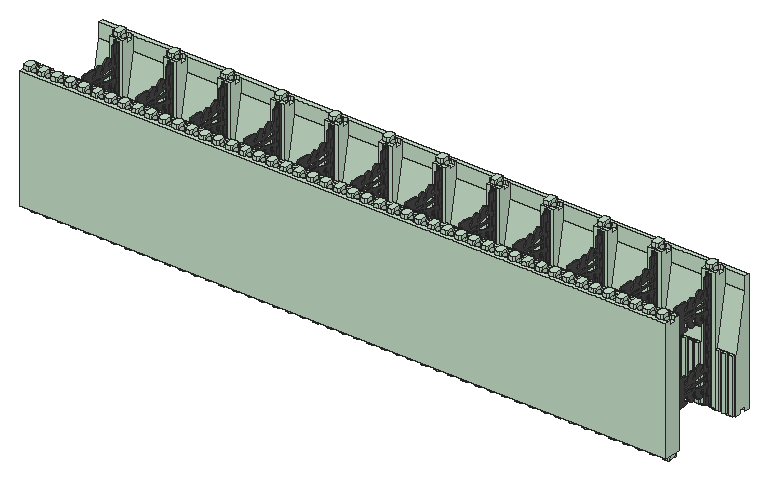
Revit family "ICF- NUDURA 10-inch- Single Sided Taper Top- Imperial", category Generic Models, Revit 2010 (continued)
Forms (in)
  Extrusion 172, solid, material "NUDURA Expanded Polystyrene Foam Insulation"
    sketch origin (0, 0, 0) x (1, 0, 0) y (0, 1, 0)
      loop
        line (5.28117, 3.25) -> (5.21883, 3) -> (5.78117, 3) -> (5.71883, 3.25) -> (5.28117, 3.25)
      loop
        line (6.28117, 3.25) -> (6.21883, 3) -> (6.78117, 3) -> (6.71883, 3.25) -> (6.28117, 3.25)
      loop
        line (7.28117, 3.25) -> (7.21883, 3) -> (7.78117, 3) -> (7.71883, 3.25) -> (7.28117, 3.25)
      loop
        line (8.28117, 3.25) -> (8.21883, 3) -> (8.78117, 3) -> (8.71883, 3.25) -> (8.28117, 3.25)
      loop
        line (9.28117, 3.25) -> (9.21883, 3) -> (9.78117, 3) -> (9.71883, 3.25) -> (9.28117, 3.25)
      loop
        line (10.28117, 3.25) -> (10.21883, 3) -> (10.78117, 3) -> (10.71883, 3.25) -> (10.28117, 3.25)
      loop
        line (13.28117, 3.25) -> (13.21883, 3) -> (13.78117, 3) -> (13.71883, 3.25) -> (13.28117, 3.25)
      loop
        line (14.28117, 3.25) -> (14.21883, 3) -> (14.78117, 3) -> (14.71883, 3.25) -> (14.28117, 3.25)
      loop
        line (15.28117, 3.25) -> (15.21883, 3) -> (15.78117, 3) -> (15.71883, 3.25) -> (15.28117, 3.25)
      loop
        line (16.28117, 3.25) -> (16.21883, 3) -> (16.78117, 3) -> (16.71883, 3.25) -> (16.28117, 3.25)
      loop
        line (17.28117, 3.25) -> (17.21883, 3) -> (17.78117, 3) -> (17.71883, 3.25) -> (17.28117, 3.25)
      loop
        line (18.28117, 3.25) -> (18.21883, 3) -> (18.78117, 3) -> (18.71883, 3.25) -> (18.28117, 3.25)
      loop
        line (21.28117, 3.25) -> (21.21883, 3) -> (21.78117, 3) -> (21.71883, 3.25) -> (21.28117, 3.25)
      loop
        line (22.28117, 3.25) -> (22.21883, 3) -> (22.78117, 3) -> (22.71883, 3.25) -> (22.28117, 3.25)
      loop
        line (23.28117, 3.25) -> (23.21883, 3) -> (23.78117, 3) -> (23.71883, 3.25) -> (23.28117, 3.25)
      loop
        line (24.28117, 3.25) -> (24.21883, 3) -> (24.78117, 3) -> (24.71883, 3.25) -> (24.28117, 3.25)
      loop
        line (25.28117, 3.25) -> (25.21883, 3) -> (25.78117, 3) -> (25.71883, 3.25) -> (25.28117, 3.25)
      loop
        line (26.28117, 3.25) -> (26.21883, 3) -> (26.78117, 3) -> (26.71883, 3.25) -> (26.28117, 3.25)
      loop
        line (29.28117, 3.25) -> (29.21883, 3) -> (29.78117, 3) -> (29.71883, 3.25) -> (29.28117, 3.25)
      loop
        line (30.28117, 3.25) -> (30.21883, 3) -> (30.78117, 3) -> (30.71883, 3.25) -> (30.28117, 3.25)
      loop
        line (31.28117, 3.25) -> (31.21883, 3) -> (31.78117, 3) -> (31.71883, 3.25) -> (31.28117, 3.25)
      loop
        line (32.28117, 3.25) -> (32.21883, 3) -> (32.78117, 3) -> (32.71883, 3.25) -> (32.28117, 3.25)
      loop
        line (33.28117, 3.25) -> (33.21883, 3) -> (33.78117, 3) -> (33.71883, 3.25) -> (33.28117, 3.25)
      loop
        line (34.28117, 3.25) -> (34.21883, 3) -> (34.78117, 3) -> (34.71883, 3.25) -> (34.28117, 3.25)
      loop
        line (37.28117, 3.25) -> (37.21883, 3) -> (37.78117, 3) -> (37.71883, 3.25) -> (37.28117, 3.25)
      loop
        line (38.28117, 3.25) -> (38.21883, 3) -> (38.78117, 3) -> (38.71883, 3.25) -> (38.28117, 3.25)
      loop
        line (39.28117, 3.25) -> (39.21883, 3) -> (39.78117, 3) -> (39.71883, 3.25) -> (39.28117, 3.25)
      loop
        line (40.28117, 3.25) -> (40.21883, 3) -> (40.78117, 3) -> (40.71883, 3.25) -> (40.28117, 3.25)
      loop
        line (41.28117, 3.25) -> (41.21883, 3) -> (41.78117, 3) -> (41.71883, 3.25) -> (41.28117, 3.25)
      loop
        line (42.28117, 3.25) -> (42.21883, 3) -> (42.78117, 3) -> (42.71883, 3.25) -> (42.28117, 3.25)
      loop
        line (45.28117, 3.25) -> (45.21883, 3) -> (45.78117, 3) -> (45.71883, 3.25) -> (45.28117, 3.25)
      loop
        line (46.28117, 3.25) -> (46.21883, 3) -> (46.78117, 3) -> (46.71883, 3.25) -> (46.28117, 3.25)
      loop
        line (47.28117, 3.25) -> (47.21883, 3) -> (47.78117, 3) -> (47.71883, 3.25) -> (47.28117, 3.25)
      loop
        line (48.28117, 3.25) -> (48.21883, 3) -> (48.78117, 3) -> (48.71883, 3.25) -> (48.28117, 3.25)
      loop
        line (49.28117, 3.25) -> (49.21883, 3) -> (49.78117, 3) -> (49.71883, 3.25) -> (49.28117, 3.25)
      loop
        line (50.28117, 3.25) -> (50.21883, 3) -> (50.78117, 3) -> (50.71883, 3.25) -> (50.28117, 3.25)
      loop
        line (53.28117, 3.25) -> (53.21883, 3) -> (53.78117, 3) -> (53.71883, 3.25) -> (53.28117, 3.25)
      loop
        line (54.28117, 3.25) -> (54.21883, 3) -> (54.78117, 3) -> (54.71883, 3.25) -> (54.28117, 3.25)
      loop
        line (55.28117, 3.25) -> (55.21883, 3) -> (55.78117, 3) -> (55.71883, 3.25) -> (55.28117, 3.25)
      loop
        line (56.28117, 3.25) -> (56.21883, 3) -> (56.78117, 3) -> (56.71883, 3.25) -> (56.28117, 3.25)
      loop
        line (57.28117, 3.25) -> (57.21883, 3) -> (57.78117, 3) -> (57.71883, 3.25) -> (57.28117, 3.25)
      loop
        line (58.28117, 3.25) -> (58.21883, 3) -> (58.78117, 3) -> (58.71883, 3.25) -> (58.28117, 3.25)
      loop
        line (61.28117, 3.25) -> (61.21883, 3) -> (61.78117, 3) -> (61.71883, 3.25) -> (61.28117, 3.25)
      loop
        line (62.28117, 3.25) -> (62.21883, 3) -> (62.78117, 3) -> (62.71883, 3.25) -> (62.28117, 3.25)
      loop
        line (63.28117, 3.25) -> (63.21883, 3) -> (63.78117, 3) -> (63.71883, 3.25) -> (63.28117, 3.25)
      loop
        line (64.28117, 3.25) -> (64.21883, 3) -> (64.78117, 3) -> (64.71883, 3.25) -> (64.28117, 3.25)
      loop
        line (65.28117, 3.25) -> (65.21883, 3) -> (65.78117, 3) -> (65.71883, 3.25) -> (65.28117, 3.25)
      loop
        line (66.28117, 3.25) -> (66.21883, 3) -> (66.78117, 3) -> (66.71883, 3.25) -> (66.28117, 3.25)
      loop
        line (69.28117, 3.25) -> (69.21883, 3) -> (69.78117, 3) -> (69.71883, 3.25) -> (69.28117, 3.25)
      loop
        line (70.28117, 3.25) -> (70.21883, 3) -> (70.78117, 3) -> (70.71883, 3.25) -> (70.28117, 3.25)
      loop
        line (71.28117, 3.25) -> (71.21883, 3) -> (71.78117, 3) -> (71.71883, 3.25) -> (71.28117, 3.25)
      loop
        line (72.28117, 3.25) -> (72.21883, 3) -> (72.78117, 3) -> (72.71883, 3.25) -> (72.28117, 3.25)
      loop
        line (73.28117, 3.25) -> (73.21883, 3) -> (73.78117, 3) -> (73.71883, 3.25) -> (73.28117, 3.25)
      loop
        line (74.28117, 3.25) -> (74.21883, 3) -> (74.78117, 3) -> (74.71883, 3.25) -> (74.28117, 3.25)
      loop
        line (77.28117, 3.25) -> (77.21883, 3) -> (77.78117, 3) -> (77.71883, 3.25) -> (77.28117, 3.25)
      loop
        line (78.28117, 3.25) -> (78.21883, 3) -> (78.78117, 3) -> (78.71883, 3.25) -> (78.28117, 3.25)
      loop
        line (79.28117, 3.25) -> (79.21883, 3) -> (79.78117, 3) -> (79.71883, 3.25) -> (79.28117, 3.25)
      loop
        line (80.28117, 3.25) -> (80.21883, 3) -> (80.78117, 3) -> (80.71883, 3.25) -> (80.28117, 3.25)
      loop
        line (81.28117, 3.25) -> (81.21883, 3) -> (81.78117, 3) -> (81.71883, 3.25) -> (81.28117, 3.25)
      loop
        line (82.28117, 3.25) -> (82.21883, 3) -> (82.78117, 3) -> (82.71883, 3.25) -> (82.28117, 3.25)
      loop
        line (85.28117, 3.25) -> (85.21883, 3) -> (85.78117, 3) -> (85.71883, 3.25) -> (85.28117, 3.25)
      loop
        line (86.28117, 3.25) -> (86.21883, 3) -> (86.78117, 3) -> (86.71883, 3.25) -> (86.28117, 3.25)
      loop
        line (87.28117, 3.25) -> (87.21883, 3) -> (87.78117, 3) -> (87.71883, 3.25) -> (87.28117, 3.25)
      loop
        line (88.28117, 3.25) -> (88.21883, 3) -> (88.78117, 3) -> (88.71883, 3.25) -> (88.28117, 3.25)
      loop
        line (89.28117, 3.25) -> (89.21883, 3) -> (89.78117, 3) -> (89.71883, 3.25) -> (89.28117, 3.25)
      loop
        line (90.28117, 3.25) -> (90.21883, 3) -> (90.78117, 3) -> (90.71883, 3.25) -> (90.28117, 3.25)
      loop
        line (93.28117, 3.25) -> (93.21883, 3) -> (93.78117, 3) -> (93.71883, 3.25) -> (93.28117, 3.25)
      loop
        line (94.28117, 3.25) -> (94.21883, 3) -> (94.78117, 3) -> (94.71883, 3.25) -> (94.28117, 3.25)
      loop
        line (95.28117, 3.25) -> (95.21883, 3) -> (95.78117, 3) -> (95.71883, 3.25) -> (95.28117, 3.25)
    from 0 to 8
Cuts and joins
  Extrusion 2, Extrusion 3, Extrusion 4, Extrusion 5, Extrusion 6, Extrusion 7, Extrusion 8, Extrusion 9, Extrusion 10, Extrusion 11, Extrusion 12, Extrusion 13, Extrusion 14, Extrusion 15, Extrusion 16, Extrusion 17, Extrusion 18, Extrusion 19, Extrusion 20, Extrusion 21, Extrusion 22, Extrusion 23, Extrusion 24, Extrusion 25, Extrusion 26, Extrusion 27, Extrusion 28, Extrusion 29, Extrusion 30, Extrusion 31, Extrusion 32, Extrusion 33, Extrusion 34, Extrusion 35, Extrusion 36, Extrusion 37, Extrusion 38, Extrusion 39, Extrusion 40, Extrusion 41, Extrusion 42, Extrusion 43, Extrusion 44, Extrusion 45, Extrusion 46, Extrusion 47, Extrusion 48, Extrusion 49, Extrusion 50, Extrusion 51, Extrusion 52, Extrusion 53, Extrusion 54, Extrusion 55, Extrusion 56, Extrusion 57, Extrusion 58, Extrusion 59, Extrusion 60, Extrusion 61, Extrusion 62, Extrusion 63, Extrusion 64, Extrusion 65, Extrusion 66, Extrusion 67, Extrusion 68, Extrusion 69, Extrusion 70, Extrusion 71, Extrusion 72, Extrusion 73, Extrusion 74, Extrusion 75, Extrusion 76, Extrusion 77, Extrusion 78, Extrusion 79, Extrusion 80, Extrusion 81, Extrusion 82, Extrusion 83, Extrusion 84, Extrusion 85, Extrusion 86, Extrusion 87, Extrusion 88, Extrusion 89, Extrusion 90, Extrusion 91, Extrusion 92, Extrusion 93, Extrusion 94, Extrusion 95, Extrusion 96, Extrusion 97, Extrusion 98, Extrusion 99, Extrusion 100, Extrusion 101, Extrusion 102, Extrusion 103, Extrusion 104, Extrusion 105, Extrusion 106, Extrusion 107, Extrusion 108, Extrusion 109, Extrusion 110, Extrusion 111, Extrusion 112, Extrusion 113, Extrusion 114, Extrusion 115, Extrusion 116, Extrusion 117, Extrusion 118, Extrusion 119, Extrusion 120, Extrusion 121, Extrusion 122, Extrusion 123, Extrusion 124, Extrusion 125, Extrusion 126, Extrusion 127, Extrusion 128, Extrusion 129, Extrusion 130, Extrusion 131, Extrusion 132, Extrusion 133, Extrusion 134, Extrusion 135, Extrusion 136, Extrusion 137, Extrusion 138, Extrusion 139, Extrusion 140, Extrusion 141, Extrusion 142, Extrusion 143, Extrusion 144, Extrusion 145, Extrusion 146, Extrusion 147, Extrusion 148, Extrusion 149, Extrusion 150, Extrusion 151, Extrusion 152, Extrusion 153, Extrusion 154, Extrusion 155, Extrusion 156, Extrusion 157 cuts Extrusion 1
  Extrusion 50, Extrusion 51, Extrusion 52, Extrusion 53, Extrusion 54, Extrusion 55, Extrusion 56, Extrusion 57, Extrusion 58, Extrusion 59, Extrusion 60, Extrusion 61, Extrusion 110, Extrusion 111, Extrusion 112, Extrusion 113, Extrusion 114, Extrusion 115, Extrusion 116, Extrusion 117, Extrusion 118, Extrusion 119, Extrusion 120, Extrusion 121, Extrusion 122, Extrusion 123, Extrusion 124, Extrusion 125, Extrusion 126, Extrusion 127, Extrusion 128, Extrusion 129, Extrusion 130, Extrusion 131, Extrusion 132, Extrusion 133, Extrusion 134, Extrusion 135, Extrusion 136, Extrusion 137, Extrusion 138, Extrusion 139, Extrusion 140, Extrusion 141, Extrusion 142, Extrusion 143, Extrusion 144, Extrusion 145, Extrusion 146, Extrusion 147, Extrusion 148, Extrusion 149, Extrusion 150, Extrusion 151, Extrusion 152, Extrusion 153, Extrusion 154, Extrusion 155, Extrusion 156, Extrusion 157 cuts Extrusion 158
  Extrusion 61 cuts Extrusion 159
  Extrusion 60 cuts Extrusion 160
  Extrusion 59 cuts Extrusion 161
  Extrusion 58 cuts Extrusion 162
  Extrusion 57 cuts Extrusion 163
  Extrusion 56 cuts Extrusion 164
  Extrusion 55 cuts Extrusion 165
  Extrusion 54 cuts Extrusion 166
  Extrusion 53 cuts Extrusion 167
  Extrusion 53 cuts Extrusion 168
  Extrusion 52 cuts Extrusion 169
  Extrusion 51 cuts Extrusion 170
  Extrusion 50 cuts Extrusion 171
  joined: Extrusion 158, Extrusion 159, Extrusion 160, Extrusion 161, Extrusion 162, Extrusion 163, Extrusion 164, Extrusion 165, Extrusion 166, Extrusion 167, Extrusion 168, Extrusion 169, Extrusion 170, Extrusion 171, Extrusion 172
Lines and regions (in)
  model lines
    curve 1: line (8, -9.625, 18) -> (8, -9.625, 0)
    curve 2: line (88, 5.625, 18) -> (88, 5.625, 0)
    curve 3: line (64, 5.625, 18) -> (64, 5.625, 0)
    curve 4: line (40, 5.625, 18) -> (40, 5.625, 0)
    curve 5: line (16, 5.625, 18) -> (16, 5.625, 0)
Dimensions and locks (in)
  locked: plane 3 "Center (Left/Right)" to plane 4 at 96
  locked: plane 5 to plane 7 at 2.625
  locked: plane 8 to plane 6 at 2.625
  locked: plane 9 to level at 18
  locked: plane 4 to plane 3 "Center (Left/Right)" at 96
  locked: plane 9 to plane 10 at 0.5
  locked: plane 11 to level at 0.5
  locked: plane 6 to plane 5 at 10
  aligned and locked: plane 9 to Extrusion 1
  aligned and locked: Extrusion 1 to plane 3 "Center (Left/Right)"
  aligned and locked: plane 4 to Extrusion 1
  aligned and locked: level to Extrusion 1
  aligned and locked: nested 1 to plane 8
  aligned and locked: nested 124 to cut or joined group 1 (Extrusion 1, Extrusion 2, Extrusion 3, Extrusion 4, Extrusion 5, Extrusion 6, Extrusion 7, Extrusion 8, Extrusion 9, Extrusion 10, Extrusion 11, Extrusion 12, Extrusion 13, Extrusion 14, Extrusion 15, Extrusion 16, Extrusion 17, Extrusion 18, Extrusion 19, Extrusion 20, Extrusion 21, Extrusion 22, Extrusion 23, Extrusion 24, Extrusion 25, Extrusion 26, Extrusion 27, Extrusion 28, Extrusion 29, Extrusion 30, Extrusion 31, Extrusion 32, Extrusion 33, Extrusion 34, Extrusion 35, Extrusion 36, Extrusion 37, Extrusion 38, Extrusion 39, Extrusion 40, Extrusion 41, Extrusion 42, Extrusion 43, Extrusion 44, Extrusion 45, Extrusion 46, Extrusion 47, Extrusion 48, Extrusion 49, Extrusion 50, Extrusion 51, Extrusion 52, Extrusion 53, Extrusion 54, Extrusion 55, Extrusion 56, Extrusion 57, Extrusion 58, Extrusion 59, Extrusion 60, Extrusion 61, Extrusion 62, Extrusion 63, Extrusion 64, Extrusion 65, Extrusion 66, Extrusion 67, Extrusion 68, Extrusion 69, Extrusion 70, Extrusion 71, Extrusion 72, Extrusion 73, Extrusion 74, Extrusion 75, Extrusion 76, Extrusion 77, Extrusion 78, Extrusion 79, Extrusion 80, Extrusion 81, Extrusion 82, Extrusion 83, Extrusion 84, Extrusion 85, Extrusion 86, Extrusion 87, Extrusion 88, Extrusion 89, Extrusion 90, Extrusion 91, Extrusion 92, Extrusion 93, Extrusion 94, Extrusion 95, Extrusion 96, Extrusion 97, Extrusion 98, Extrusion 99, Extrusion 100, Extrusion 101, Extrusion 102, Extrusion 103, Extrusion 104, Extrusion 105, Extrusion 106, Extrusion 107, Extrusion 108, Extrusion 109, Extrusion 110, Extrusion 111, Extrusion 112, Extrusion 113, Extrusion 114, Extrusion 115, Extrusion 116, Extrusion 117, Extrusion 118, Extrusion 119, Extrusion 120, Extrusion 121, Extrusion 122, Extrusion 123, Extrusion 124, Extrusion 125, Extrusion 126, Extrusion 127, Extrusion 128, Extrusion 129, Extrusion 130, Extrusion 131, Extrusion 132, Extrusion 133, Extrusion 134, Extrusion 135, Extrusion 136, Extrusion 137, Extrusion 138, Extrusion 139, Extrusion 140, Extrusion 141, Extrusion 142, Extrusion 143, Extrusion 144, Extrusion 145, Extrusion 146, Extrusion 147, Extrusion 148, Extrusion 149, Extrusion 150, Extrusion 151, Extrusion 152, Extrusion 153, Extrusion 154, Extrusion 155, Extrusion 156, Extrusion 157)
  aligned and locked: nested 269 to cut or joined group 1
  aligned and locked: cut or joined group 1 to nested 270
  aligned and locked: cut or joined group 1 to nested 271
  aligned and locked: cut or joined group 1 to nested 272
Nested families (in)
  nested 1: "NUDURA Diamond Pattern" at (0, -4, 0), type "NUDURA Diamond Pattern"
  nested 2: "NUDURA Diamond Pattern" at (16, -4, 0), type "NUDURA Diamond Pattern"
  nested 3: "NUDURA Diamond Pattern" at (24, -4, 0), type "NUDURA Diamond Pattern"
  nested 4: "NUDURA Diamond Pattern" at (40, -4, 0), type "NUDURA Diamond Pattern"
  nested 5: "NUDURA Diamond Pattern" at (48, -4, 0), type "NUDURA Diamond Pattern"
  nested 6: "NUDURA Diamond Pattern" at (64, -4, 0), type "NUDURA Diamond Pattern"
  nested 7: "NUDURA Diamond Pattern" at (72, -4, 0), type "NUDURA Diamond Pattern"
  nested 8: "NUDURA Diamond Pattern" at (88, -4, 0), type "NUDURA Diamond Pattern"
  nested 9: "NUDURA Diamond Pattern" at (0, 0, 0), type "NUDURA Diamond Pattern"
  nested 10: "NUDURA Diamond Pattern" at (16, 0, 0), type "NUDURA Diamond Pattern"
  nested 11: "NUDURA Diamond Pattern" at (24, 0, 0), type "NUDURA Diamond Pattern"
  nested 12: "NUDURA Diamond Pattern" at (40, 0, 0), type "NUDURA Diamond Pattern"
  nested 13: "NUDURA Diamond Pattern" at (48, 0, 0), type "NUDURA Diamond Pattern"
  nested 14: "NUDURA Diamond Pattern" at (64, 0, 0), type "NUDURA Diamond Pattern"
  nested 15: "NUDURA Diamond Pattern" at (72, 0, 0), type "NUDURA Diamond Pattern"
  nested 16: "NUDURA Diamond Pattern" at (88, 0, 0), type "NUDURA Diamond Pattern"
  nested 17: "Interlock Tooth" at (0, -4, 0), type "Interlock Tooth"
  nested 18: "Interlock Tooth" at (2, -4, 0), type "Interlock Tooth"
  nested 19: "Interlock Tooth" at (4, -4, 0), type "Interlock Tooth"
  nested 20: "Interlock Tooth" at (6, -4, 0), type "Interlock Tooth"
  nested 21: "Interlock Tooth" at (8, -4, 0), type "Interlock Tooth"
  nested 22: "Interlock Tooth" at (10, -4, 0), type "Interlock Tooth"
  nested 23: "Interlock Tooth" at (12, -4, 0), type "Interlock Tooth"
  nested 24: "Interlock Tooth" at (14, -4, 0), type "Interlock Tooth"
  nested 25: "Interlock Tooth" at (16, -4, 0), type "Interlock Tooth"
  nested 26: "Interlock Tooth" at (18, -4, 0), type "Interlock Tooth"
  nested 27: "Interlock Tooth" at (20, -4, 0), type "Interlock Tooth"
  nested 28: "Interlock Tooth" at (22, -4, 0), type "Interlock Tooth"
  nested 29: "Interlock Tooth" at (24, -4, 0), type "Interlock Tooth"
  nested 30: "Interlock Tooth" at (26, -4, 0), type "Interlock Tooth"
  nested 31: "Interlock Tooth" at (28, -4, 0), type "Interlock Tooth"
  nested 32: "Interlock Tooth" at (30, -4, 0), type "Interlock Tooth"
  nested 33: "Interlock Tooth" at (32, -4, 0), type "Interlock Tooth"
  nested 34: "Interlock Tooth" at (34, -4, 0), type "Interlock Tooth"
  nested 35: "Interlock Tooth" at (36, -4, 0), type "Interlock Tooth"
  nested 36: "Interlock Tooth" at (38, -4, 0), type "Interlock Tooth"
  nested 37: "Interlock Tooth" at (40, -4, 0), type "Interlock Tooth"
  nested 38: "Interlock Tooth" at (42, -4, 0), type "Interlock Tooth"
  nested 39: "Interlock Tooth" at (44, -4, 0), type "Interlock Tooth"
  nested 40: "Interlock Tooth" at (46, -4, 0), type "Interlock Tooth"
  nested 41: "Interlock Tooth" at (48, -4, 0), type "Interlock Tooth"
  nested 42: "Interlock Tooth" at (50, -4, 0), type "Interlock Tooth"
  nested 43: "Interlock Tooth" at (52, -4, 0), type "Interlock Tooth"
  nested 44: "Interlock Tooth" at (54, -4, 0), type "Interlock Tooth"
  nested 45: "Interlock Tooth" at (56, -4, 0), type "Interlock Tooth"
  nested 46: "Interlock Tooth" at (58, -4, 0), type "Interlock Tooth"
  nested 47: "Interlock Tooth" at (60, -4, 0), type "Interlock Tooth"
  nested 48: "Interlock Tooth" at (62, -4, 0), type "Interlock Tooth"
  nested 49: "Interlock Tooth" at (64, -4, 0), type "Interlock Tooth"
  nested 50: "Interlock Tooth" at (66, -4, 0), type "Interlock Tooth"
  nested 51: "Interlock Tooth" at (68, -4, 0), type "Interlock Tooth"
  nested 52: "Interlock Tooth" at (70, -4, 0), type "Interlock Tooth"
  nested 53: "Interlock Tooth" at (72, -4, 0), type "Interlock Tooth"
  nested 54: "Interlock Tooth" at (74, -4, 0), type "Interlock Tooth"
  nested 55: "Interlock Tooth" at (76, -4, 0), type "Interlock Tooth"
  nested 56: "Interlock Tooth" at (78, -4, 0), type "Interlock Tooth"
  nested 57: "Interlock Tooth" at (80, -4, 0), type "Interlock Tooth"
  nested 58: "Interlock Tooth" at (82, -4, 0), type "Interlock Tooth"
  nested 59: "Interlock Tooth" at (84, -4, 0), type "Interlock Tooth"
  nested 60: "Interlock Tooth" at (86, -4, 0), type "Interlock Tooth"
  nested 61: "Interlock Tooth" at (88, -4, 0), type "Interlock Tooth"
  nested 62: "Interlock Tooth" at (90, -4, 0), type "Interlock Tooth"
  nested 63: "Interlock Tooth" at (92, -4, 0), type "Interlock Tooth"
  nested 64: "Interlock Tooth" at (94, -4, 0), type "Interlock Tooth"
  nested 65: "Interlock Tooth" at (3, 8.875, 0), type "Interlock Tooth"
  nested 66: "Interlock Tooth" at (11, 8.875, 0), type "Interlock Tooth"
  nested 67: "Interlock Tooth" at (19, 8.875, 0), type "Interlock Tooth"
  nested 68: "Interlock Tooth" at (27, 8.875, 0), type "Interlock Tooth"
  nested 69: "Interlock Tooth" at (35, 8.875, 0), type "Interlock Tooth"
  nested 70: "Interlock Tooth" at (43, 8.875, 0), type "Interlock Tooth"
  nested 71: "Interlock Tooth" at (51, 8.875, 0), type "Interlock Tooth"
  nested 72: "Interlock Tooth" at (59, 8.875, 0), type "Interlock Tooth"
  nested 73: "Interlock Tooth" at (67, 8.875, 0), type "Interlock Tooth"
  nested 74: "Interlock Tooth" at (75, 8.875, 0), type "Interlock Tooth"
  nested 75: "Interlock Tooth" at (83, 8.875, 0), type "Interlock Tooth"
  nested 76: "Interlock Tooth" at (91, 8.875, 0), type "Interlock Tooth"
  nested 77: "Interlock Tooth" at (1, -12.875, -18.5), type "Interlock Tooth"
  nested 78: "Interlock Tooth" at (3, -12.875, -18.5), type "Interlock Tooth"
  nested 79: "Interlock Tooth" at (5, -12.875, -18.5), type "Interlock Tooth"
  nested 80: "Interlock Tooth" at (7, -12.875, -18.5), type "Interlock Tooth"
  nested 81: "Interlock Tooth" at (9, -12.875, -18.5), type "Interlock Tooth"
  nested 82: "Interlock Tooth" at (11, -12.875, -18.5), type "Interlock Tooth"
  nested 83: "Interlock Tooth" at (13, -12.875, -18.5), type "Interlock Tooth"
  nested 84: "Interlock Tooth" at (15, -12.875, -18.5), type "Interlock Tooth"
  nested 85: "Interlock Tooth" at (17, -12.875, -18.5), type "Interlock Tooth"
  nested 86: "Interlock Tooth" at (19, -12.875, -18.5), type "Interlock Tooth"
  nested 87: "Interlock Tooth" at (21, -12.875, -18.5), type "Interlock Tooth"
  nested 88: "Interlock Tooth" at (23, -12.875, -18.5), type "Interlock Tooth"
  nested 89: "Interlock Tooth" at (25, -12.875, -18.5), type "Interlock Tooth"
  nested 90: "Interlock Tooth" at (27, -12.875, -18.5), type "Interlock Tooth"
  nested 91: "Interlock Tooth" at (29, -12.875, -18.5), type "Interlock Tooth"
  nested 92: "Interlock Tooth" at (31, -12.875, -18.5), type "Interlock Tooth"
  nested 93: "Interlock Tooth" at (33, -12.875, -18.5), type "Interlock Tooth"
  nested 94: "Interlock Tooth" at (35, -12.875, -18.5), type "Interlock Tooth"
  nested 95: "Interlock Tooth" at (37, -12.875, -18.5), type "Interlock Tooth"
  nested 96: "Interlock Tooth" at (39, -12.875, -18.5), type "Interlock Tooth"
  nested 97: "Interlock Tooth" at (41, -12.875, -18.5), type "Interlock Tooth"
  nested 98: "Interlock Tooth" at (43, -12.875, -18.5), type "Interlock Tooth"
  nested 99: "Interlock Tooth" at (45, -12.875, -18.5), type "Interlock Tooth"
  nested 100: "Interlock Tooth" at (47, -12.875, -18.5), type "Interlock Tooth"
  nested 101: "Interlock Tooth" at (49, -12.875, -18.5), type "Interlock Tooth"
  nested 102: "Interlock Tooth" at (51, -12.875, -18.5), type "Interlock Tooth"
  nested 103: "Interlock Tooth" at (53, -12.875, -18.5), type "Interlock Tooth"
  nested 104: "Interlock Tooth" at (55, -12.875, -18.5), type "Interlock Tooth"
  nested 105: "Interlock Tooth" at (57, -12.875, -18.5), type "Interlock Tooth"
  nested 106: "Interlock Tooth" at (59, -12.875, -18.5), type "Interlock Tooth"
  nested 107: "Interlock Tooth" at (61, -12.875, -18.5), type "Interlock Tooth"
  nested 108: "Interlock Tooth" at (63, -12.875, -18.5), type "Interlock Tooth"
  nested 109: "Interlock Tooth" at (65, -12.875, -18.5), type "Interlock Tooth"
  nested 110: "Interlock Tooth" at (67, -12.875, -18.5), type "Interlock Tooth"
  nested 111: "Interlock Tooth" at (69, -12.875, -18.5), type "Interlock Tooth"
  nested 112: "Interlock Tooth" at (71, -12.875, -18.5), type "Interlock Tooth"
  nested 113: "Interlock Tooth" at (73, -12.875, -18.5), type "Interlock Tooth"
  nested 114: "Interlock Tooth" at (75, -12.875, -18.5), type "Interlock Tooth"
  nested 115: "Interlock Tooth" at (77, -12.875, -18.5), type "Interlock Tooth"
  nested 116: "Interlock Tooth" at (79, -12.875, -18.5), type "Interlock Tooth"
  nested 117: "Interlock Tooth" at (81, -12.875, -18.5), type "Interlock Tooth"
  nested 118: "Interlock Tooth" at (83, -12.875, -18.5), type "Interlock Tooth"
  nested 119: "Interlock Tooth" at (85, -12.875, -18.5), type "Interlock Tooth"
  nested 120: "Interlock Tooth" at (87, -12.875, -18.5), type "Interlock Tooth"
  nested 121: "Interlock Tooth" at (89, -12.875, -18.5), type "Interlock Tooth"
  nested 122: "Interlock Tooth" at (91, -12.875, -18.5), type "Interlock Tooth"
  nested 123: "Interlock Tooth" at (93, -12.875, -18.5), type "Interlock Tooth"
  nested 124: "Interlock Tooth" at (95, -12.875, -18.5), type "Interlock Tooth"
  nested 125: "Interlock Tooth" at (0, 0, -18.5), type "Interlock Tooth"
  nested 126: "Interlock Tooth" at (2, 0, -18.5), type "Interlock Tooth"
  nested 127: "Interlock Tooth" at (4, 0, -18.5), type "Interlock Tooth"
  nested 128: "Interlock Tooth" at (6, 0, -18.5), type "Interlock Tooth"
  nested 129: "Interlock Tooth" at (8, 0, -18.5), type "Interlock Tooth"
  nested 130: "Interlock Tooth" at (10, 0, -18.5), type "Interlock Tooth"
  nested 131: "Interlock Tooth" at (12, 0, -18.5), type "Interlock Tooth"
  nested 132: "Interlock Tooth" at (14, 0, -18.5), type "Interlock Tooth"
  nested 133: "Interlock Tooth" at (16, 0, -18.5), type "Interlock Tooth"
  nested 134: "Interlock Tooth" at (18, 0, -18.5), type "Interlock Tooth"
  nested 135: "Interlock Tooth" at (20, 0, -18.5), type "Interlock Tooth"
  nested 136: "Interlock Tooth" at (22, 0, -18.5), type "Interlock Tooth"
  nested 137: "Interlock Tooth" at (24, 0, -18.5), type "Interlock Tooth"
  nested 138: "Interlock Tooth" at (26, 0, -18.5), type "Interlock Tooth"
  nested 139: "Interlock Tooth" at (28, 0, -18.5), type "Interlock Tooth"
  nested 140: "Interlock Tooth" at (30, 0, -18.5), type "Interlock Tooth"
  nested 141: "Interlock Tooth" at (32, 0, -18.5), type "Interlock Tooth"
  nested 142: "Interlock Tooth" at (34, 0, -18.5), type "Interlock Tooth"
  nested 143: "Interlock Tooth" at (36, 0, -18.5), type "Interlock Tooth"
  nested 144: "Interlock Tooth" at (38, 0, -18.5), type "Interlock Tooth"
  nested 145: "Interlock Tooth" at (40, 0, -18.5), type "Interlock Tooth"
  nested 146: "Interlock Tooth" at (42, 0, -18.5), type "Interlock Tooth"
  nested 147: "Interlock Tooth" at (44, 0, -18.5), type "Interlock Tooth"
  nested 148: "Interlock Tooth" at (46, 0, -18.5), type "Interlock Tooth"
  nested 149: "Interlock Tooth" at (48, 0, -18.5), type "Interlock Tooth"
  nested 150: "Interlock Tooth" at (50, 0, -18.5), type "Interlock Tooth"
  nested 151: "Interlock Tooth" at (52, 0, -18.5), type "Interlock Tooth"
  nested 152: "Interlock Tooth" at (54, 0, -18.5), type "Interlock Tooth"
  nested 153: "Interlock Tooth" at (56, 0, -18.5), type "Interlock Tooth"
  nested 154: "Interlock Tooth" at (58, 0, -18.5), type "Interlock Tooth"
  nested 155: "Interlock Tooth" at (60, 0, -18.5), type "Interlock Tooth"
  nested 156: "Interlock Tooth" at (62, 0, -18.5), type "Interlock Tooth"
  nested 157: "Interlock Tooth" at (64, 0, -18.5), type "Interlock Tooth"
  nested 158: "Interlock Tooth" at (66, 0, -18.5), type "Interlock Tooth"
  nested 159: "Interlock Tooth" at (68, 0, -18.5), type "Interlock Tooth"
  nested 160: "Interlock Tooth" at (70, 0, -18.5), type "Interlock Tooth"
  nested 161: "Interlock Tooth" at (72, 0, -18.5), type "Interlock Tooth"
  nested 162: "Interlock Tooth" at (74, 0, -18.5), type "Interlock Tooth"
  nested 163: "Interlock Tooth" at (76, 0, -18.5), type "Interlock Tooth"
  nested 164: "Interlock Tooth" at (78, 0, -18.5), type "Interlock Tooth"
  nested 165: "Interlock Tooth" at (80, 0, -18.5), type "Interlock Tooth"
  nested 166: "Interlock Tooth" at (82, 0, -18.5), type "Interlock Tooth"
  nested 167: "Interlock Tooth" at (84, 0, -18.5), type "Interlock Tooth"
  nested 168: "Interlock Tooth" at (86, 0, -18.5), type "Interlock Tooth"
  nested 169: "Interlock Tooth" at (88, 0, -18.5), type "Interlock Tooth"
  nested 170: "Interlock Tooth" at (90, 0, -18.5), type "Interlock Tooth"
  nested 171: "Interlock Tooth" at (92, 0, -18.5), type "Interlock Tooth"
  nested 172: "Interlock Tooth" at (94, 0, -18.5), type "Interlock Tooth"
  nested 173: "Interlock Tooth" at (0, 0, 0), type "Interlock Tooth", not visible
  nested 174: "Interlock Tooth" at (2, 0, 0), type "Interlock Tooth", not visible
  nested 175: "Interlock Tooth" at (4, 0, 0), type "Interlock Tooth", not visible
  nested 176: "Interlock Tooth" at (6, 0, 0), type "Interlock Tooth", not visible
  nested 177: "Interlock Tooth" at (8, 0, 0), type "Interlock Tooth", not visible
  nested 178: "Interlock Tooth" at (10, 0, 0), type "Interlock Tooth", not visible
  nested 179: "Interlock Tooth" at (12, 0, 0), type "Interlock Tooth", not visible
  nested 180: "Interlock Tooth" at (14, 0, 0), type "Interlock Tooth", not visible
  nested 181: "Interlock Tooth" at (16, 0, 0), type "Interlock Tooth", not visible
  nested 182: "Interlock Tooth" at (18, 0, 0), type "Interlock Tooth", not visible
  nested 183: "Interlock Tooth" at (20, 0, 0), type "Interlock Tooth", not visible
  nested 184: "Interlock Tooth" at (22, 0, 0), type "Interlock Tooth", not visible
  nested 185: "Interlock Tooth" at (24, 0, 0), type "Interlock Tooth", not visible
  nested 186: "Interlock Tooth" at (26, 0, 0), type "Interlock Tooth", not visible
  nested 187: "Interlock Tooth" at (28, 0, 0), type "Interlock Tooth", not visible
  nested 188: "Interlock Tooth" at (30, 0, 0), type "Interlock Tooth", not visible
  nested 189: "Interlock Tooth" at (32, 0, 0), type "Interlock Tooth", not visible
  nested 190: "Interlock Tooth" at (34, 0, 0), type "Interlock Tooth", not visible
  nested 191: "Interlock Tooth" at (36, 0, 0), type "Interlock Tooth", not visible
  nested 192: "Interlock Tooth" at (38, 0, 0), type "Interlock Tooth", not visible
  nested 193: "Interlock Tooth" at (40, 0, 0), type "Interlock Tooth", not visible
  nested 194: "Interlock Tooth" at (42, 0, 0), type "Interlock Tooth", not visible
  nested 195: "Interlock Tooth" at (44, 0, 0), type "Interlock Tooth", not visible
  nested 196: "Interlock Tooth" at (46, 0, 0), type "Interlock Tooth", not visible
  nested 197: "Interlock Tooth" at (48, 0, 0), type "Interlock Tooth", not visible
  nested 198: "Interlock Tooth" at (50, 0, 0), type "Interlock Tooth", not visible
  nested 199: "Interlock Tooth" at (52, 0, 0), type "Interlock Tooth", not visible
  nested 200: "Interlock Tooth" at (54, 0, 0), type "Interlock Tooth", not visible
  nested 201: "Interlock Tooth" at (56, 0, 0), type "Interlock Tooth", not visible
  nested 202: "Interlock Tooth" at (58, 0, 0), type "Interlock Tooth", not visible
  nested 203: "Interlock Tooth" at (60, 0, 0), type "Interlock Tooth", not visible
  nested 204: "Interlock Tooth" at (62, 0, 0), type "Interlock Tooth", not visible
  nested 205: "Interlock Tooth" at (64, 0, 0), type "Interlock Tooth", not visible
  nested 206: "Interlock Tooth" at (66, 0, 0), type "Interlock Tooth", not visible
  nested 207: "Interlock Tooth" at (68, 0, 0), type "Interlock Tooth", not visible
  nested 208: "Interlock Tooth" at (70, 0, 0), type "Interlock Tooth", not visible
  nested 209: "Interlock Tooth" at (72, 0, 0), type "Interlock Tooth", not visible
  nested 210: "Interlock Tooth" at (74, 0, 0), type "Interlock Tooth", not visible
  nested 211: "Interlock Tooth" at (76, 0, 0), type "Interlock Tooth", not visible
  nested 212: "Interlock Tooth" at (78, 0, 0), type "Interlock Tooth", not visible
  nested 213: "Interlock Tooth" at (80, 0, 0), type "Interlock Tooth", not visible
  nested 214: "Interlock Tooth" at (82, 0, 0), type "Interlock Tooth", not visible
  nested 215: "Interlock Tooth" at (84, 0, 0), type "Interlock Tooth", not visible
  nested 216: "Interlock Tooth" at (86, 0, 0), type "Interlock Tooth", not visible
  nested 217: "Interlock Tooth" at (88, 0, 0), type "Interlock Tooth", not visible
  nested 218: "Interlock Tooth" at (90, 0, 0), type "Interlock Tooth", not visible
  nested 219: "Interlock Tooth" at (92, 0, 0), type "Interlock Tooth", not visible
  nested 220: "Interlock Tooth" at (94, 0, 0), type "Interlock Tooth", not visible
  nested 221: "Interlock Tooth" at (1, 8.875, 0), type "Interlock Tooth", not visible
  nested 222: "Interlock Tooth" at (3, 8.875, 0), type "Interlock Tooth", not visible
  nested 223: "Interlock Tooth" at (5, 8.875, 0), type "Interlock Tooth", not visible
  nested 224: "Interlock Tooth" at (7, 8.875, 0), type "Interlock Tooth", not visible
  nested 225: "Interlock Tooth" at (9, 8.875, 0), type "Interlock Tooth", not visible
  nested 226: "Interlock Tooth" at (11, 8.875, 0), type "Interlock Tooth", not visible
  nested 227: "Interlock Tooth" at (13, 8.875, 0), type "Interlock Tooth", not visible
  nested 228: "Interlock Tooth" at (15, 8.875, 0), type "Interlock Tooth", not visible
  nested 229: "Interlock Tooth" at (17, 8.875, 0), type "Interlock Tooth", not visible
  nested 230: "Interlock Tooth" at (19, 8.875, 0), type "Interlock Tooth", not visible
  nested 231: "Interlock Tooth" at (21, 8.875, 0), type "Interlock Tooth", not visible
  nested 232: "Interlock Tooth" at (23, 8.875, 0), type "Interlock Tooth", not visible
  nested 233: "Interlock Tooth" at (25, 8.875, 0), type "Interlock Tooth", not visible
  nested 234: "Interlock Tooth" at (27, 8.875, 0), type "Interlock Tooth", not visible
  nested 235: "Interlock Tooth" at (29, 8.875, 0), type "Interlock Tooth", not visible
  nested 236: "Interlock Tooth" at (31, 8.875, 0), type "Interlock Tooth", not visible
  nested 237: "Interlock Tooth" at (33, 8.875, 0), type "Interlock Tooth", not visible
  nested 238: "Interlock Tooth" at (35, 8.875, 0), type "Interlock Tooth", not visible
  nested 239: "Interlock Tooth" at (37, 8.875, 0), type "Interlock Tooth", not visible
  nested 240: "Interlock Tooth" at (39, 8.875, 0), type "Interlock Tooth", not visible
  nested 241: "Interlock Tooth" at (41, 8.875, 0), type "Interlock Tooth", not visible
  nested 242: "Interlock Tooth" at (43, 8.875, 0), type "Interlock Tooth", not visible
  nested 243: "Interlock Tooth" at (45, 8.875, 0), type "Interlock Tooth", not visible
  nested 244: "Interlock Tooth" at (47, 8.875, 0), type "Interlock Tooth", not visible
  nested 245: "Interlock Tooth" at (49, 8.875, 0), type "Interlock Tooth", not visible
  nested 246: "Interlock Tooth" at (51, 8.875, 0), type "Interlock Tooth", not visible
  nested 247: "Interlock Tooth" at (53, 8.875, 0), type "Interlock Tooth", not visible
  nested 248: "Interlock Tooth" at (55, 8.875, 0), type "Interlock Tooth", not visible
  nested 249: "Interlock Tooth" at (57, 8.875, 0), type "Interlock Tooth", not visible
  nested 250: "Interlock Tooth" at (59, 8.875, 0), type "Interlock Tooth", not visible
  nested 251: "Interlock Tooth" at (61, 8.875, 0), type "Interlock Tooth", not visible
  nested 252: "Interlock Tooth" at (63, 8.875, 0), type "Interlock Tooth", not visible
  nested 253: "Interlock Tooth" at (65, 8.875, 0), type "Interlock Tooth", not visible
  nested 254: "Interlock Tooth" at (67, 8.875, 0), type "Interlock Tooth", not visible
  nested 255: "Interlock Tooth" at (69, 8.875, 0), type "Interlock Tooth", not visible
  nested 256: "Interlock Tooth" at (71, 8.875, 0), type "Interlock Tooth", not visible
  nested 257: "Interlock Tooth" at (73, 8.875, 0), type "Interlock Tooth", not visible
  nested 258: "Interlock Tooth" at (75, 8.875, 0), type "Interlock Tooth", not visible
  nested 259: "Interlock Tooth" at (77, 8.875, 0), type "Interlock Tooth", not visible
  nested 260: "Interlock Tooth" at (79, 8.875, 0), type "Interlock Tooth", not visible
  nested 261: "Interlock Tooth" at (81, 8.875, 0), type "Interlock Tooth", not visible
  nested 262: "Interlock Tooth" at (83, 8.875, 0), type "Interlock Tooth", not visible
  nested 263: "Interlock Tooth" at (85, 8.875, 0), type "Interlock Tooth", not visible
  nested 264: "Interlock Tooth" at (87, 8.875, 0), type "Interlock Tooth", not visible
  nested 265: "Interlock Tooth" at (89, 8.875, 0), type "Interlock Tooth", not visible
  nested 266: "Interlock Tooth" at (91, 8.875, 0), type "Interlock Tooth", not visible
  nested 267: "Interlock Tooth" at (93, 8.875, 0), type "Interlock Tooth", not visible
  nested 268: "Interlock Tooth" at (95, 8.875, 0), type "Interlock Tooth", not visible
  nested 269: "NUDURA Logo Diamond" at (0, -9.625, 0), type "NUDURA Logo Diamond"
  nested 270: "NUDURA Logo Diamond" at (24, -9.625, 0), type "NUDURA Logo Diamond"
  nested 271: "NUDURA Logo Diamond" at (48, -9.625, 0), type "NUDURA Logo Diamond"
  nested 272: "NUDURA Logo Diamond" at (72, -9.625, 0), type "NUDURA Logo Diamond"
  nested 273: "NUDURA Logo Diamond" at (95.99744, 5.625, 0) x (-1, 0, 0) z (0, 0, 1), type "NUDURA Logo Diamond"
  nested 274: "NUDURA Logo Diamond" at (71.99744, 5.625, 0) x (-1, 0, 0) z (0, 0, 1), type "NUDURA Logo Diamond"
  nested 275: "NUDURA Logo Diamond" at (47.99744, 5.625, 0) x (-1, 0, 0) z (0, 0, 1), type "NUDURA Logo Diamond"
  nested 276: "NUDURA Logo Diamond" at (23.99744, 5.625, 0) x (-1, 0, 0) z (0, 0, 1), type "NUDURA Logo Diamond"
  nested 277: "10-inch Insert Web" at (4, -2, 0), type "10-inch Insert Web"
  nested 278: "10-inch Insert Web" at (12, -2, 0), type "10-inch Insert Web"
  nested 279: "10-inch Insert Web" at (20, -2, 0), type "10-inch Insert Web"
  nested 280: "10-inch Insert Web" at (28, -2, 0), type "10-inch Insert Web"
  nested 281: "10-inch Insert Web" at (36, -2, 0), type "10-inch Insert Web"
  nested 282: "10-inch Insert Web" at (44, -2, 0), type "10-inch Insert Web"
  nested 283: "10-inch Insert Web" at (52, -2, 0), type "10-inch Insert Web"
  nested 284: "10-inch Insert Web" at (60, -2, 0), type "10-inch Insert Web"
  nested 285: "10-inch Insert Web" at (68, -2, 0), type "10-inch Insert Web"
  nested 286: "10-inch Insert Web" at (76, -2, 0), type "10-inch Insert Web"
  nested 287: "10-inch Insert Web" at (84, -2, 0), type "10-inch Insert Web"
  nested 288: "10-inch Insert Web" at (92, -2, 0), type "10-inch Insert Web"
Definition of nested family "Interlock Tooth"
  Reference planes (in)
    plane 1 "Center (Front/Back)": y = 0
    plane 2: z = 0
    plane 3 "Center (Left/Right)": x = 0
    plane 4: z = 18
    plane 5: z = 18.5
    plane 6: z = -0.5
  Forms (in)
    Extrusion 1, solid, material "NUDURA Expanded Polystyrene Foam Insulation"
      sketch origin (0, -8.875, 0) x (1, 0, 0) y (0, 1, 0)
        loop
          arc (0, 3.97692) -> (0.04785, 3.82983) -> (0.17308, 3.73905) r 0.25
          arc (0.17308, 3.73905) -> (0.5, 3.6875) -> (0.82692, 3.73905) r 1.0625
          arc (0.82692, 3.73905) -> (0.95215, 3.82983) -> (1, 3.97692) r 0.25
          line (1, 3.97692) -> (1, 4.89808)
          arc (1, 4.89808) -> (0.95215, 5.04517) -> (0.82692, 5.13595) r 0.25
          arc (0.82692, 5.13595) -> (0.5, 5.1875) -> (0.17308, 5.13595) r 1.0625
          arc (0.17308, 5.13595) -> (0.04785, 5.04517) -> (0, 4.89808) r 0.25
          line (0, 4.89808) -> (0, 3.97692)
      from 18 to 18.5
  Dimensions and locks (in)
    locked: plane 4 to level at 18
    locked: plane 4 to plane 5 at 0.5
    locked: plane 6 to level at 0.5
Definition of nested family "10-inch Insert Web"
  Reference planes (in)
    plane 1 "Center (Front/Back)": y = 0
    plane 2: z = 0
    plane 3 "Center (Left/Right)": x = 0
  Forms (in)
    Extrusion 1, solid, material "High Density Polystyrene"
      sketch origin (0, 0, 0) x (0, 1, 0) y (0, 0, 1)
        loop
          line (5.25, 0) -> (5.25, 17.74583)
          arc (5.25, 17.74583) -> (5.22112, 17.72608) -> (5.21, 17.69292) r 0.055
          line (5.21, 17.69292) -> (5.21, 0.05292)
          arc (5.21, 0.05292) -> (5.22112, 0.01975) -> (5.25, 0) r 0.055
        loop
          arc (-5.25, 0) -> (-5.22112, 0.01975) -> (-5.21, 0.05292) r 0.055
          line (-5.21, 0.05292) -> (-5.21, 17.69292)
          arc (-5.21, 17.69292) -> (-5.22112, 17.72608) -> (-5.25, 17.74583) r 0.055
          line (-5.25, 17.74583) -> (-5.25, 0)
      from 0.36328 to -0.36328
    Extrusion 2, solid, material "High Density Polystyrene"
      sketch origin (0, 0, 0) x (0, 1, 0) y (0, 0, 1)
        loop
          line (-5.12543, 17.57204) -> (-5.19457, 17.61045)
          arc (-5.19457, 17.61045) -> (-5.20585, 17.62147) -> (-5.21, 17.63668) r 0.03
          line (-5.21, 17.63668) -> (-5.21, 17.38789)
          arc (-5.21, 17.38789) -> (-5.20374, 17.40241) -> (-5.18889, 17.40785) r 0.02
          line (-5.18889, 17.40785) -> (-5.13111, 17.40464)
          arc (-5.13111, 17.40464) -> (-5.11625, 17.41008) -> (-5.11, 17.42461) r 0.02
          line (-5.11, 17.42461) -> (-5.11, 17.54582)
          arc (-5.11, 17.54582) -> (-5.11414, 17.56103) -> (-5.12543, 17.57204) r 0.03
        loop
          line (-4.5, 17.20772) -> (-4.6, 17.20772) -> (-4.6, 17.2388)
          arc (-4.6, 17.2388) -> (-4.61433, 17.27339) -> (-4.64893, 17.28772) r 0.04893
          line (-4.64893, 17.28772) -> (-4.77609, 17.28772) -> (-4.825, 17.43772)
          arc (-4.825, 17.43772) -> (-4.875, 17.46772) -> (-4.925, 17.43772) r 0.05667
          line (-4.925, 17.43772) -> (-5, 17.20772) -> (-5, 0.53811) -> (-4.925, 0.30811)
          arc (-4.925, 0.30811) -> (-4.875, 0.27811) -> (-4.825, 0.30811) r 0.05667
          line (-4.825, 0.30811) -> (-4.77609, 0.45811) -> (-4.64893, 0.45811)
          arc (-4.64893, 0.45811) -> (-4.61433, 0.47244) -> (-4.6, 0.50703) r 0.04893
          line (-4.6, 0.50703) -> (-4.6, 0.53811) -> (-4.5, 0.53811) -> (-4.5, 1.99805)
          arc (-4.5, 1.99805) -> (-4.46384, 2.08535) -> (-4.37654, 2.12151) r 0.12346
          arc (-4.37654, 2.12151) -> (-4.22754, 2.23265) -> (-4.21225, 2.41791) r 0.22602
          arc (-4.21225, 2.41791) -> (-3.72909, 2.89529) -> (-3.67178, 2.21849) r 0.375
          arc (-3.67178, 2.21849) -> (-3.82054, 1.85615) -> (-3.45819, 1.70739) r 0.27697
          arc (-3.45819, 1.70739) -> (-2.94561, 2.10506) -> (-2.74922, 2.72338) r 1.09159
          line (-2.74922, 2.72338) -> (-2.74973, 2.88837)
          arc (-2.74973, 2.88837) -> (-2.17617, 3.17809) -> (-2.18865, 2.53563) r 0.375
          arc (-2.18865, 2.53563) -> (-2.3374, 2.17328) -> (-1.97506, 2.02453) r 0.27697
          arc (-1.97506, 2.02453) -> (-1.47568, 2.34989) -> (-1.23882, 2.89683) r 1.0341
          arc (-1.23882, 2.89683) -> (-0.66526, 3.18654) -> (-0.67773, 2.54409) r 0.375
          arc (-0.67773, 2.54409) -> (-0.76612, 2.51631) -> (-0.85703, 2.49851) r 0.83414
          arc (-0.85703, 2.49851) -> (-1.02215, 2.26789) -> (-0.82272, 2.06619) r 0.22
          arc (-0.82272, 2.06619) -> (-0.41308, 2.01232) -> (0, 2.0035) r 3.77741
          arc (0, 2.0035) -> (0.41308, 2.01232) -> (0.82272, 2.06619) r 3.77741
          arc (0.82272, 2.06619) -> (1.02215, 2.26789) -> (0.85703, 2.49851) r 0.22
          arc (0.85703, 2.49851) -> (0.76612, 2.51631) -> (0.67773, 2.54409) r 0.83414
          arc (0.67773, 2.54409) -> (0.66526, 3.18654) -> (1.23882, 2.89683) r 0.375
          arc (1.23882, 2.89683) -> (1.47568, 2.34989) -> (1.97506, 2.02453) r 1.0341
          arc (1.97506, 2.02453) -> (2.3374, 2.17328) -> (2.18865, 2.53563) r 0.27697
          arc (2.18865, 2.53563) -> (2.17617, 3.17809) -> (2.74973, 2.88837) r 0.375
          line (2.74973, 2.88837) -> (2.74922, 2.72338)
          arc (2.74922, 2.72338) -> (2.94561, 2.10506) -> (3.45819, 1.70739) r 1.09159
          arc (3.45819, 1.70739) -> (3.82054, 1.85615) -> (3.67178, 2.21849) r 0.27697
          arc (3.67178, 2.21849) -> (3.72909, 2.89529) -> (4.21225, 2.41791) r 0.375
          arc (4.21225, 2.41791) -> (4.22754, 2.23265) -> (4.37654, 2.12151) r 0.22602
          arc (4.37654, 2.12151) -> (4.46384, 2.08535) -> (4.5, 1.99805) r 0.12346
          line (4.5, 1.99805) -> (4.5, 0.53811) -> (4.6, 0.53811) -> (4.6, 0.50703)
          arc (4.6, 0.50703) -> (4.61433, 0.47244) -> (4.64893, 0.45811) r 0.04893
          line (4.64893, 0.45811) -> (4.77609, 0.45811) -> (4.825, 0.30811)
          arc (4.825, 0.30811) -> (4.875, 0.27811) -> (4.925, 0.30811) r 0.05667
          line (4.925, 0.30811) -> (5, 0.53811) -> (5, 17.20772) -> (4.925, 17.43772)
          arc (4.925, 17.43772) -> (4.875, 17.46772) -> (4.825, 17.43772) r 0.05667
          line (4.825, 17.43772) -> (4.77609, 17.28772) -> (4.64893, 17.28772)
          arc (4.64893, 17.28772) -> (4.61433, 17.27339) -> (4.6, 17.2388) r 0.04893
          line (4.6, 17.2388) -> (4.6, 17.20772) -> (4.5, 17.20772) -> (4.5, 15.74778)
          arc (4.5, 15.74778) -> (4.46384, 15.66048) -> (4.37654, 15.62433) r 0.12346
          arc (4.37654, 15.62433) -> (4.22754, 15.51319) -> (4.21225, 15.32793) r 0.22602
          arc (4.21225, 15.32793) -> (3.72909, 14.85054) -> (3.67178, 15.52734) r 0.375
          arc (3.67178, 15.52734) -> (3.82054, 15.88969) -> (3.45819, 16.03844) r 0.27697
          arc (3.45819, 16.03844) -> (2.94561, 15.64077) -> (2.74922, 15.02245) r 1.09159
          line (2.74922, 15.02245) -> (2.74973, 14.85746)
          arc (2.74973, 14.85746) -> (2.17617, 14.56774) -> (2.18865, 15.2102) r 0.375
          arc (2.18865, 15.2102) -> (2.3374, 15.57255) -> (1.97506, 15.7213) r 0.27697
          arc (1.97506, 15.7213) -> (1.47568, 15.39594) -> (1.23882, 14.84901) r 1.0341
          arc (1.23882, 14.84901) -> (0.66526, 14.55929) -> (0.67773, 15.20175) r 0.375
          arc (0.67773, 15.20175) -> (0.76612, 15.22952) -> (0.85703, 15.24732) r 0.83414
          arc (0.85703, 15.24732) -> (1.02215, 15.47795) -> (0.82272, 15.67964) r 0.22
          arc (0.82272, 15.67964) -> (0.41308, 15.73351) -> (0, 15.74233) r 3.77741
          arc (0, 15.74233) -> (-0.41308, 15.73351) -> (-0.82272, 15.67964) r 3.77741
          arc (-0.82272, 15.67964) -> (-1.02215, 15.47795) -> (-0.85703, 15.24732) r 0.22
          arc (-0.85703, 15.24732) -> (-0.76612, 15.22952) -> (-0.67773, 15.20175) r 0.83414
          arc (-0.67773, 15.20175) -> (-0.66526, 14.55929) -> (-1.23882, 14.84901) r 0.375
          arc (-1.23882, 14.84901) -> (-1.47568, 15.39594) -> (-1.97506, 15.7213) r 1.0341
          arc (-1.97506, 15.7213) -> (-2.3374, 15.57255) -> (-2.18865, 15.2102) r 0.27697
          arc (-2.18865, 15.2102) -> (-2.17617, 14.56774) -> (-2.74973, 14.85746) r 0.375
          line (-2.74973, 14.85746) -> (-2.74922, 15.02245)
          arc (-2.74922, 15.02245) -> (-2.94561, 15.64077) -> (-3.45819, 16.03844) r 1.09159
          arc (-3.45819, 16.03844) -> (-3.82054, 15.88969) -> (-3.67178, 15.52734) r 0.27697
          arc (-3.67178, 15.52734) -> (-3.72909, 14.85054) -> (-4.21225, 15.32793) r 0.375
          arc (-4.21225, 15.32793) -> (-4.22754, 15.51319) -> (-4.37654, 15.62433) r 0.22602
          arc (-4.37654, 15.62433) -> (-4.46384, 15.66048) -> (-4.5, 15.74778) r 0.12346
          line (-4.5, 15.74778) -> (-4.5, 17.20772)
        loop
          line (-4.5, 11.8098) -> (-4.5, 5.93603)
          arc (-4.5, 5.93603) -> (-4.46384, 5.84874) -> (-4.37654, 5.81258) r 0.12346
          arc (-4.37654, 5.81258) -> (-4.22754, 5.70144) -> (-4.21225, 5.51618) r 0.22602
          arc (-4.21225, 5.51618) -> (-3.72909, 5.0388) -> (-3.67178, 5.71559) r 0.375
          arc (-3.67178, 5.71559) -> (-3.82054, 6.07794) -> (-3.45819, 6.2267) r 0.27697
          arc (-3.45819, 6.2267) -> (-2.94561, 5.82902) -> (-2.74922, 5.2107) r 1.09159
          line (-2.74922, 5.2107) -> (-2.74973, 5.04572)
          arc (-2.74973, 5.04572) -> (-2.17617, 4.756) -> (-2.18865, 5.39846) r 0.375
          arc (-2.18865, 5.39846) -> (-2.3374, 5.7608) -> (-1.97506, 5.90956) r 0.27697
          arc (-1.97506, 5.90956) -> (-1.47568, 5.58419) -> (-1.23882, 5.03726) r 1.0341
          arc (-1.23882, 5.03726) -> (-0.66526, 4.74754) -> (-0.67773, 5.39) r 0.375
          arc (-0.67773, 5.39) -> (-0.76612, 5.41777) -> (-0.85703, 5.43557) r 0.83414
          arc (-0.85703, 5.43557) -> (-1.02215, 5.6662) -> (-0.82272, 5.86789) r 0.22
          arc (-0.82272, 5.86789) -> (-0.41308, 5.92177) -> (0, 5.93058) r 3.77741
          arc (0, 5.93058) -> (0.41308, 5.92177) -> (0.82272, 5.86789) r 3.77741
          arc (0.82272, 5.86789) -> (1.02215, 5.6662) -> (0.85703, 5.43557) r 0.22
          arc (0.85703, 5.43557) -> (0.76612, 5.41777) -> (0.67773, 5.39) r 0.83414
          arc (0.67773, 5.39) -> (0.66526, 4.74754) -> (1.23882, 5.03726) r 0.375
          arc (1.23882, 5.03726) -> (1.47568, 5.58419) -> (1.97506, 5.90956) r 1.0341
          arc (1.97506, 5.90956) -> (2.3374, 5.7608) -> (2.18865, 5.39846) r 0.27697
          arc (2.18865, 5.39846) -> (2.17617, 4.756) -> (2.74973, 5.04572) r 0.375
          line (2.74973, 5.04572) -> (2.74922, 5.2107)
          arc (2.74922, 5.2107) -> (2.94561, 5.82902) -> (3.45819, 6.2267) r 1.09159
          arc (3.45819, 6.2267) -> (3.82054, 6.07794) -> (3.67178, 5.71559) r 0.27697
          arc (3.67178, 5.71559) -> (3.72909, 5.0388) -> (4.21225, 5.51618) r 0.375
          arc (4.21225, 5.51618) -> (4.22754, 5.70144) -> (4.37654, 5.81258) r 0.22602
          arc (4.37654, 5.81258) -> (4.46384, 5.84874) -> (4.5, 5.93603) r 0.12346
          line (4.5, 5.93603) -> (4.5, 11.8098)
          arc (4.5, 11.8098) -> (4.46384, 11.89709) -> (4.37654, 11.93325) r 0.12346
